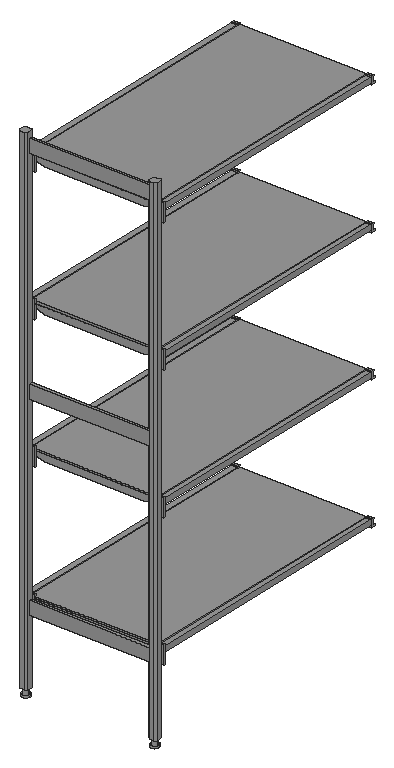
Revit family "QF_ELECTROLUXPROFESSIONAL_137072_CLS918", category Attrezzature speciali, Revit 2020
Family settings
  Quota connettore circolare = Usa diametro
  Tipo di parte = Normale
  Basato su piano di lavoro = No
  Sempre verticale = Sì
  Taglio con vuoti quando caricato = No
  Condiviso = No
  Punto di calcolo locali = No
Parameters (values of type "Standard")
  Weight = 17.00 kg
  Watts = 0 W
  Volts = 0 V
  URL Manufacturer = "https://www.electroluxprofessional.com/"
  URL = "https://www.electroluxprofessional.com/"
  Steam Supply Size = 0 mm
  Steam Supply Minimum Pressure = 0.0 Pa
  Steam Supply Maximum Pressure = 0.0 Pa
  Steam Consumption per Hour = 0
  Refrigeration Suction Line Size = 0.0 mm
  Refrigeration Liquid Line Size = 0.0 mm
  Refrigerant Compressor Remote = yes
  Prospetto di default = 0.0 mm
  Phase = 0
  Modello = "CLS918"
  Produttore = "Electrolux Professional"
  Length Actual = 922.0 mm  # constant formula
  Item Number = "137072"
  Hot Water Size = 0 mm
  Height Actual = 1700.0 mm  # constant formula
  HP = "0 HP"
  Gas Size = 0 mm
  Gas KW = 0
  Gas Input Pressure = 0 W
  Direct Waste Size = 0 mm
  Descrizione = "ALUM.CORNER SHELV.-POLY.TIERS-475X922MM"
  Depth Actual = 474.0 mm  # constant formula
  Cycle = 0 Hz
  Condensate Return Size = 0 mm
  Compressed Air Volume = 0.0 L/s
  Compressed Air Size = 0 mm
  Compressed Air Pressure = 0.0 Pa
  Cold Water Size = 0 mm
  Accessory = yes
Reference planes
  plane 1: z = 0
  plane 2 "Center (F/B)": y = -163.5
  plane 3 "Front": y = -549.5
  plane 4 "Left": x = -217.5
  plane 5 "Right": x = 256.5
  plane 6 "TOP": z = 1700
  plane 7: y = -517.5
  plane 8: y = 368.5
  plane 9 "Center (Left/Right)": x = 19.5
  plane 10: y = 363.5
  plane 11: x = -186
  plane 12: x = 225
  plane 13 "FEET": z = 25
  plane 14: z = 275
  plane 15: z = 725
  plane 16: z = 1175
  plane 17: z = 1625
  plane 18 "CXLeft": y = -535.5
  plane 19: x = -200
  plane 20 "CYBack": x = -200
  plane 21 "CYFront": x = 138
  plane 22 "Back": y = 372.5
  plane 23 "LEFT_ORIGIN": x = -252.5
  plane 24 "BACK_Origin": y = 846.5
Forms (mm)
  Extrusion 1, solid, material "QF_Aluminum"
    sketch origin (0, -549.5, 0) x (-1, 0, 0) y (0, 0, 1)
      loop
        line (198.5, 1650.994) -> (198.5, 1632.998) -> (217.5, 1632.998) -> (217.5, 1650.994) -> (198.5, 1650.994)
      loop
        line (-238.5, 1650.994) -> (-256.5, 1650.994) -> (-256.5, 1632.998) -> (-238.5, 1632.998) -> (-238.5, 1650.994)
      loop
        line (198.5, 1200.994) -> (198.5, 1182.998) -> (217.5, 1182.998) -> (217.5, 1200.994) -> (198.5, 1200.994)
      loop
        line (-238.522, 1200.994) -> (-256.5, 1200.994) -> (-256.5, 1182.998) -> (-238.522, 1182.998) -> (-238.522, 1200.994)
      loop
        line (198.5, 750.994) -> (198.5, 732.998) -> (217.5, 732.998) -> (217.5, 750.994) -> (198.5, 750.994)
      loop
        line (-238.522, 750.994) -> (-256.5, 750.994) -> (-256.5, 732.998) -> (-238.522, 732.998) -> (-238.522, 750.994)
      loop
        line (198.5, 300.994) -> (198.5, 282.998) -> (217.5, 282.998) -> (217.5, 300.994) -> (198.5, 300.994)
      loop
        line (-238.522, 300.994) -> (-256.5, 300.994) -> (-256.5, 282.998) -> (-238.522, 282.998) -> (-238.522, 300.994)
    from 32 to 918
  Extrusion 2, solid, material "QF_Polyethylene"
    sketch origin (0, -549.5, 0) x (-1, 0, 0) y (0, 0, 1)
      loop
        line (196.507, 1650.994) -> (-236.522, 1650.994) -> (-236.522, 1644.496) -> (196.507, 1644.496) -> (196.507, 1650.994)
      loop
        line (196.507, 1200.994) -> (-236.522, 1200.994) -> (-236.522, 1194.496) -> (196.507, 1194.496) -> (196.507, 1200.994)
      loop
        line (196.507, 750.994) -> (-236.522, 750.994) -> (-236.522, 744.496) -> (196.507, 744.496) -> (196.507, 750.994)
      loop
        line (196.507, 300.994) -> (-236.522, 300.994) -> (-236.522, 294.496) -> (196.507, 294.496) -> (196.507, 300.994)
    from 32 to 918
Lines and regions (mm)
  symbolic lines
    curve 1: line (-198.5, 368.5, 1700) -> (-198.5, -517.5, 1700)
    curve 2: line (-217.5, -521.5, 1700) -> (-217.5, 368.5, 1700)
    curve 3: line (256.5, -521.5, 1700) -> (256.5, 368.5, 1700)
    curve 4: line (-181.507, -517.5, 1700) -> (220.507, -517.5, 1700)
    curve 5: line (238.522, -517.5, 1700) -> (238.522, 368.5, 1700)
    curve 6: line (-198.5, 368.5, 1700) -> (238.522, 368.5, 1700)
Dimensions and locks
  plane 3 "Front" to plane 2 "Center (F/B)" = 386.0 mm
  locked: plane 6 "TOP" to level at 1700
  locked: plane 4 "Left" to plane 5 "Right" at 474
  locked: plane 7 to plane 8 at 886
  locked: plane 3 "Front" to plane 7 at 32
  plane 10 to plane 8 = 5.0 mm
  locked: plane 11 to plane 12 at 411
  equal spacing: plane 11, plane 9 "Center (Left/Right)", plane 12
  equal spacing: plane 4 "Left", plane 9 "Center (Left/Right)", plane 5 "Right"
  plane 13 "FEET" to level = 25.0 mm
  plane 6 "TOP" to plane 13 "FEET" = 1675.0 mm
  plane 14 to plane 13 "FEET" = 250.0 mm
  plane 15 to plane 14 = 450.0 mm
  plane 16 to plane 15 = 450.0 mm
  plane 17 to plane 16 = 450.0 mm
  locked: plane 3 "Front" to plane 18 "CXLeft" at 14
  locked: plane 3 "Front" to plane 22 "Back" at 922
  plane 23 "LEFT_ORIGIN" to plane 5 "Right" = 509.0 mm
  locked: plane 22 "Back" to plane 24 "BACK_Origin" at 474
  aligned and locked: level to plane 1
  aligned and locked: Extrusion 2 to plane 7
  aligned and locked: plane 8 to Extrusion 2
  aligned and locked: Extrusion 1 to plane 7
  aligned and locked: plane 8 to Extrusion 1
  aligned and locked: Extrusion 1 sketch curve to Extrusion 1 sketch curve  (x2)
  aligned and locked: plane 18 "CXLeft" to nested 1
  aligned and locked: nested 2 to plane 10
Automatic sketch dimensions
  curve 2 to plane 4 "Left" = 0.0 mm
  curve 3 to plane 5 "Right" = 0.0 mm
  plane 7 to curve 1 = 0.0 mm
  plane 7 to curve 4 = 0.0 mm
  plane 7 to curve 5 = 0.0 mm
  plane 8 to curve 2 = 0.0 mm
  plane 8 to curve 1 = 0.0 mm
  plane 8 to curve 3 = 0.0 mm
  curve 5 to plane 21 "CYFront" = 100.522 mm
  plane 19 to curve 6 = 1.5 mm
  plane 7 to curve 3 = 4.0 mm
  plane 7 to curve 2 = 4.0 mm
  plane 12 to curve 4 = 4.493 mm
  curve 4 to plane 11 = 4.493 mm
  plane 5 "Right" to Extrusion 1 sketch curve = 0.0 mm  (x4)
  plane 4 "Left" to Extrusion 1 sketch curve = 0.0 mm  (x4)
  Extrusion 1 sketch curve to plane 21 "CYFront" = 100.522 mm
  Extrusion 1 sketch curve to plane 21 "CYFront" = 100.5 mm
  plane 19 to Extrusion 1 sketch curve = 1.5 mm  (x4)
  plane 14 to Extrusion 1 sketch curve = 7.998 mm  (x2)
  Extrusion 1 sketch curve to Extrusion 1 sketch curve = 17.997 mm  (x8)
  plane 15 to Extrusion 1 sketch curve = 7.998 mm  (x2)
  plane 16 to Extrusion 1 sketch curve = 7.998 mm  (x2)
  plane 17 to Extrusion 1 sketch curve = 7.998 mm  (x2)
  Extrusion 2 sketch curve to plane 21 "CYFront" = 98.522 mm  (x4)
  plane 19 to Extrusion 2 sketch curve = 3.493 mm  (x4)
  plane 14 to Extrusion 2 sketch curve = 19.496 mm
  Extrusion 2 sketch curve to Extrusion 2 sketch curve = 6.499 mm  (x4)
  plane 15 to Extrusion 2 sketch curve = 19.496 mm
  plane 16 to Extrusion 2 sketch curve = 19.496 mm
  plane 17 to Extrusion 2 sketch curve = 19.496 mm
Nested families
  nested 1: "WT_Anta475" at (-194.5, -132.5, 0) x (0, 1, 0) z (0, 0, 1), type "WT_Anta475"
  nested 2: "WT_Aggancio475" at (-194.5, 780.5, 0) x (0, 1, 0) z (0, 0, 1), type "WT_Aggancio475"
Definition of nested family "WT_Anta475"
  Parameters
    WidthLeft = A + 64.0 mm  # 772.0 mm
    Width = 1606.0 mm
    Right = WidthLeft / 2  # 386.0 mm
    Default Elevation = 0.0 mm
    Left = -WidthLeft / 2  # -386.0 mm
    Height = 1725.0 mm
    FEET = 25.0 mm
    E = 0.0 mm
    Dint = Depth - 63.0 mm  # 412.0 mm
    Dext = Depth - 8.0 mm  # 467.0 mm
    Depth = 475.0 mm
    DX = (WidthLeft - A) / 2  # 32.0 mm
    B = 798.0 mm
    A = 708.0 mm
  Reference planes
    plane 1: z = 0
    plane 2 "LEFT": x = -417
    plane 3 "BACK": y = 23
    plane 4 "FRONT": y = -452
    plane 5 "TOP": z = 1725
    plane 6 "Center (Front/Back)": y = -214.5
    plane 7: y = -8.5
    plane 8: y = -420.5
    plane 9 "FEET": z = 25
    plane 10: z = 275
    plane 11: z = 725
    plane 12: z = 1175
    plane 13: z = 1625
    plane 14 "CXLeft": x = -403
    plane 15: y = 5.5
    plane 16 "CYBack": y = 5.5
    plane 17 "CYFront": y = -434.5
    plane 18: x = -385.031
    plane 19: x = -380.031
  Forms (mm)
    Extrusion 1, solid
      sketch origin (0, 0, 0) x (1, 0, 0) y (0, 1, 0)
        loop
          line (-417, 13.246) -> (-417, -2.246) -> (-410.746, -8.5) -> (-395.254, -8.5) -> (-389, -2.246) -> (-389, 13.246) -> (-395.254, 19.5) -> (-410.746, 19.5) -> (-417, 13.246)
      from 1725 to 25
    Extrusion 2, solid
      sketch origin (-417, 0, 0) x (0, 1, 0) y (0, 0, 1)
        loop
          line (23, 246.005) -> (23, 307.993) -> (-12.993, 307.993) -> (-12.993, 246.005) -> (23, 246.005)
        loop
          line (-452, 246.005) -> (-416.007, 246.005) -> (-416.007, 307.993) -> (-452, 307.993) -> (-452, 246.005)
        loop
          line (23, 696.005) -> (23, 757.993) -> (-12.993, 757.993) -> (-12.993, 696.005) -> (23, 696.005)
        loop
          line (-452, 696.005) -> (-416.007, 696.005) -> (-416.007, 757.993) -> (-452, 757.993) -> (-452, 696.005)
        loop
          line (23, 1146.005) -> (23, 1207.993) -> (-12.993, 1207.993) -> (-12.993, 1146.005) -> (23, 1146.005)
        loop
          line (-452, 1146.005) -> (-416.007, 1146.005) -> (-416.007, 1207.993) -> (-452, 1207.993) -> (-452, 1146.005)
        loop
          line (23, 1596.005) -> (23, 1657.993) -> (-12.993, 1657.993) -> (-12.993, 1596.005) -> (23, 1596.005)
        loop
          line (-452, 1596.005) -> (-416.007, 1596.005) -> (-416.007, 1657.993) -> (-452, 1657.993) -> (-452, 1596.005)
      from 28 to 32
    Revolve 3, solid
      sketch origin (-403, 0, 0) x (0, 1, 0) y (0, 0, 1)
        loop
          line (5.5, 25) -> (5.5, 0) -> (19, 0) -> (19, 5) -> (14, 5) -> (14, 25) -> (5.5, 25)
        axis (5.5, 25) -> (5.5, 0)
      angle from 0 to 360
    Extrusion 4, solid
      sketch origin (-403, 0, 0) x (0, 1, 0) y (0, 0, 1)
        loop
          line (-8.5, 912.382) -> (-8.5, 957.374) -> (-420.5, 957.374) -> (-420.5, 912.382) -> (-8.5, 912.382)
        loop
          line (-8.5, 1662.244) -> (-8.5, 1707.236) -> (-420.5, 1707.236) -> (-420.5, 1662.244) -> (-8.5, 1662.244)
      from -5 to 5
    Revolve 5, solid
      sketch origin (-403, -627, 0) x (0, -1, 0) y (0, 0, 1)
        loop
          line (-192.5, 25) -> (-192.5, 0) -> (-179, 0) -> (-179, 5) -> (-184, 5) -> (-184, 25) -> (-192.5, 25)
        axis (-192.5, 25) -> (-192.5, 0)
      angle from 0 to 360
    Extrusion 6, solid
      sketch origin (0, -627, 0) x (1, 0, 0) y (0, 1, 0)
        loop
          line (-417, 184.754) -> (-410.746, 178.5) -> (-395.254, 178.5) -> (-389, 184.754) -> (-389, 200.246) -> (-395.254, 206.5) -> (-410.746, 206.5) -> (-417, 200.246) -> (-417, 184.754)
      from 1725 to 25
    Extrusion 7, solid
      sketch origin (-417.031, -0.022, 0) x (0, 1, 0) y (0, 0, -1)
        loop
          line (-12, -1632.998) -> (-46, -1620.994) -> (-383, -1620.994) -> (-417, -1632.998) -> (-433, -1632.998) -> (-433, -1650.994) -> (-431, -1650.994) -> (-431, -1644.496) -> (2.007, -1644.496) -> (2.007, -1650.994) -> (4, -1650.994) -> (4, -1632.998) -> (-12, -1632.998)
        loop
          line (-12, -1182.998) -> (-46, -1170.994) -> (-383, -1170.994) -> (-417, -1182.998) -> (-433, -1182.998) -> (-433, -1200.994) -> (-431, -1200.994) -> (-431, -1194.496) -> (2.007, -1194.496) -> (2.007, -1200.994) -> (4, -1200.994) -> (4, -1182.998) -> (-12, -1182.998)
        loop
          line (-12, -732.998) -> (-46, -720.994) -> (-383, -720.994) -> (-417, -732.998) -> (-433, -732.998) -> (-433, -750.994) -> (-431, -750.994) -> (-431, -744.496) -> (2.007, -744.496) -> (2.007, -750.994) -> (4, -750.994) -> (4, -732.998) -> (-12, -732.998)
        loop
          line (-12, -282.998) -> (-46, -270.994) -> (-383, -270.994) -> (-417, -282.998) -> (-433, -282.998) -> (-433, -300.994) -> (-431, -300.994) -> (-431, -294.496) -> (2.007, -294.496) -> (2.007, -300.994) -> (4, -300.994) -> (4, -282.998) -> (-12, -282.998)
      from -32 to -37
    Extrusion 8, solid
      sketch origin (-403, 0, -659.878) x (0, 1, 0) y (0, 0, 1)
        loop
          line (-8.5, 912.382) -> (-8.5, 957.374) -> (-420.5, 957.374) -> (-420.5, 912.382) -> (-8.5, 912.382)
        loop
          line (-8.5, 1572.382) -> (-8.5, 1617.374) -> (-420.5, 1617.374) -> (-420.5, 1572.382) -> (-8.5, 1572.382)
        loop
          line (-8.5, 2322.382) -> (-8.5, 2367.374) -> (-420.5, 2367.374) -> (-420.5, 2322.382) -> (-8.5, 2322.382)
      from -5 to 5
  Lines and regions (mm)
    symbolic lines
      curve 1: line (-408, -8.5, 1725) -> (-408, -420.5, 1725)
      curve 2: line (-398, -420.5, 1725) -> (-398, -8.5, 1725)
      curve 3: line (-395.254, -8.5, 1725) -> (-410.746, -8.5, 1725)
      curve 4: line (-417, -2.246, 1725) -> (-410.746, -8.5, 1725)
      curve 5: line (-417, 13.246, 1725) -> (-417, -2.246, 1725)
      curve 6: line (-410.746, 19.5, 1725) -> (-417, 13.246, 1725)
      curve 7: line (-395.254, 19.5, 1725) -> (-410.746, 19.5, 1725)
      curve 8: line (-389, 13.246, 1725) -> (-395.254, 19.5, 1725)
      curve 9: line (-395.254, -8.5, 1725) -> (-389, -2.246, 1725)
      curve 10: line (-395.254, -420.5, 1725) -> (-410.746, -420.5, 1725)
      curve 11: line (-417, -426.754, 1725) -> (-410.746, -420.5, 1725)
      curve 12: line (-410.746, -448.5, 1725) -> (-417, -442.246, 1725)
      curve 13: line (-395.254, -448.5, 1725) -> (-410.746, -448.5, 1725)
      curve 14: line (-389, -442.246, 1725) -> (-395.254, -448.5, 1725)
      curve 15: line (-395.254, -420.5, 1725) -> (-389, -426.754, 1725)
      curve 16: line (-389, -452, 1725) -> (-389, -416.007, 1725)
      curve 17: line (-389, -416.007, 1725) -> (-385, -416.007, 1725)
      curve 18: line (-389, 23, 1725) -> (-389, -12.993, 1725)
      curve 19: line (-389, -12.993, 1725) -> (-385, -12.993, 1725)
      curve 20: line (-417, -426.754, 1725) -> (-417, -442.246, 1725)
      curve 21: line (-385, -452, 1725) -> (-385, -416.007, 1725)
      curve 22: line (-385, -452, 1725) -> (-389, -452, 1725)
      curve 23: line (-385, 23, 1725) -> (-389, 23, 1725)
      curve 24: line (-385, -12.993, 1725) -> (-385, 23, 1725)
      curve 25: line (-385.031, -13.016, 1725) -> (-385.031, -416.029, 1725)
  Dimensions and locks
    "Height": plane 5 "TOP" to level
    "Depth": plane 3 "BACK" to plane 4 "FRONT"
    "Dint": plane 7 to plane 8
    equal spacing: plane 7, plane 6 "Center (Front/Back)", plane 8
    equal spacing: plane 3 "BACK", plane 6 "Center (Front/Back)", plane 4 "FRONT"
    plane 9 "FEET" to level = 25.0 mm
    plane 5 "TOP" to plane 9 "FEET" = 1700.0 mm
    plane 10 to plane 9 "FEET" = 250.0 mm
    plane 11 to plane 10 = 450.0 mm
    plane 12 to plane 11 = 450.0 mm
    plane 13 to plane 12 = 450.0 mm
    locked: plane 2 "LEFT" to plane 14 "CXLeft" at 14
    locked: plane 3 "BACK" to plane 16 "CYBack" at 17.5
    locked: plane 17 "CYFront" to plane 4 "FRONT" at 17.5
    locked: Revolve 3 sketch curve to Revolve 3 sketch curve at 8.5
    locked: Revolve 3 sketch curve to plane 16 "CYBack" at 13.5
    locked: Revolve 5 sketch curve to Revolve 5 sketch curve at 8.5
    aligned and locked: level to plane 1
    aligned and locked: curve 20 to Extrusion 6
    aligned and locked: plane 5 "TOP" to Extrusion 1
    aligned and locked: plane 5 "TOP" to Extrusion 6
    aligned and locked: Extrusion 7 sketch curve to Extrusion 7 sketch curve  (x3)
  Automatic sketch dimensions
    curve 16 to plane 4 "FRONT" = 0.0 mm
    curve 11 to plane 8 = 0.0 mm
    curve 9 to plane 7 = 0.0 mm
    curve 5 to plane 2 "LEFT" = 0.0 mm
    curve 23 to plane 3 "BACK" = 0.0 mm
    plane 4 "FRONT" to curve 13 = 3.5 mm
    curve 20 to plane 17 "CYFront" = 7.746 mm
    curve 20 to plane 8 = 6.254 mm
    plane 8 to curve 16 = 4.493 mm
    curve 24 to plane 18 = 0.031 mm
    curve 24 to plane 7 = 4.493 mm
    plane 7 to curve 5 = 6.254 mm
    curve 5 to plane 15 = 7.746 mm
    curve 6 to plane 3 "BACK" = 3.5 mm
    curve 21 to plane 18 = 0.031 mm
    plane 18 to curve 23 = 3.969 mm
    plane 18 to curve 16 = 3.969 mm
    curve 18 to curve 8 = 6.254 mm
    curve 18 to curve 3 = 6.254 mm
    curve 16 to curve 13 = 6.254 mm
    curve 16 to curve 15 = 6.254 mm
    plane 2 "LEFT" to curve 10 = 6.254 mm
    plane 2 "LEFT" to curve 7 = 6.254 mm
    plane 2 "LEFT" to curve 12 = 6.254 mm
    plane 2 "LEFT" to curve 3 = 6.254 mm
    curve 14 to plane 17 "CYFront" = 7.746 mm
    curve 15 to plane 8 = 6.254 mm
    plane 7 to curve 9 = 6.254 mm
    curve 8 to plane 15 = 7.746 mm
    curve 3 to curve 2 = 2.746 mm
    curve 1 to curve 10 = 2.746 mm
    Extrusion 1 sketch curve to plane 2 "LEFT" = 0.0 mm
    Extrusion 1 sketch curve to plane 7 = 0.0 mm
    plane 2 "LEFT" to Extrusion 1 sketch curve = 6.254 mm  (x2)
    plane 14 "CXLeft" to Extrusion 1 sketch curve = 7.746 mm  (x2)
    Extrusion 1 sketch curve to plane 3 "BACK" = 3.5 mm
    plane 18 to Extrusion 1 sketch curve = 3.969 mm
    plane 7 to Extrusion 1 sketch curve = 6.254 mm  (x2)
    Extrusion 1 sketch curve to plane 15 = 7.746 mm  (x2)
    Extrusion 2 sketch curve to plane 4 "FRONT" = 0.0 mm  (x4)
    Extrusion 2 sketch curve to plane 3 "BACK" = 0.0 mm  (x4)
    plane 8 to Extrusion 2 sketch curve = 4.493 mm  (x4)
    Extrusion 2 sketch curve to plane 7 = 4.493 mm  (x4)
    Extrusion 2 sketch curve to plane 10 = 28.995 mm  (x2)
    plane 10 to Extrusion 2 sketch curve = 32.993 mm  (x2)
    Extrusion 2 sketch curve to plane 11 = 28.995 mm  (x2)
    plane 11 to Extrusion 2 sketch curve = 32.993 mm  (x2)
    Extrusion 2 sketch curve to plane 12 = 28.995 mm  (x2)
    plane 12 to Extrusion 2 sketch curve = 32.993 mm  (x2)
    Extrusion 2 sketch curve to plane 13 = 28.995 mm  (x2)
    plane 13 to Extrusion 2 sketch curve = 32.993 mm  (x2)
    Revolve 3 sketch curve to plane 9 "FEET" = 0.0 mm  (x2)
    Revolve 3 sketch curve to plane 15 = 0.0 mm  (x2)
    Revolve 3 sketch curve to level = 0.0 mm
    level to Revolve 3 sketch curve = 5.0 mm
    Revolve 3 sketch curve to Revolve 3 sketch curve = 11.655 mm
    Extrusion 4 sketch curve to plane 8 = 0.0 mm  (x2)
    Extrusion 4 sketch curve to plane 7 = 0.0 mm  (x2)
    plane 11 to Extrusion 4 sketch curve = 187.382 mm
    Extrusion 4 sketch curve to Extrusion 4 sketch curve = 44.992 mm
    plane 13 to Extrusion 4 sketch curve = 37.244 mm
    Extrusion 4 sketch curve to plane 5 "TOP" = 17.764 mm
    Revolve 5 sketch curve to plane 9 "FEET" = 0.0 mm  (x2)
    Revolve 5 sketch curve to plane 17 "CYFront" = 0.0 mm  (x2)
    Revolve 5 sketch curve to level = 0.0 mm
    Revolve 5 sketch curve to plane 4 "FRONT" = 4.0 mm
    Revolve 5 sketch curve to Revolve 5 sketch curve = 5.0 mm
    level to Revolve 5 sketch curve = 11.655 mm
    Extrusion 6 sketch curve to plane 2 "LEFT" = 0.0 mm
    Extrusion 6 sketch curve to plane 8 = 0.0 mm
    Extrusion 6 sketch curve to plane 2 "LEFT" = 6.254 mm  (x2)
    Extrusion 6 sketch curve to plane 14 "CXLeft" = 7.746 mm  (x2)
    Extrusion 6 sketch curve to plane 4 "FRONT" = 3.5 mm
    Extrusion 6 sketch curve to plane 18 = 3.969 mm
    plane 8 to Extrusion 6 sketch curve = 6.254 mm  (x2)
    plane 17 "CYFront" to Extrusion 6 sketch curve = 7.746 mm  (x2)
    plane 17 "CYFront" to Extrusion 7 sketch curve = 1.478 mm  (x4)
    Extrusion 7 sketch curve to Extrusion 7 sketch curve = 2.0 mm
    plane 8 to Extrusion 7 sketch curve = 3.478 mm  (x4)
    Extrusion 7 sketch curve to plane 10 = 4.006 mm
    Extrusion 7 sketch curve to Extrusion 7 sketch curve = 34.0 mm  (x4)
    Extrusion 7 sketch curve to plane 11 = 4.006 mm
    Extrusion 7 sketch curve to plane 12 = 4.006 mm
    Extrusion 7 sketch curve to plane 13 = 4.006 mm
    Extrusion 7 sketch curve to plane 7 = 37.522 mm  (x4)
    Extrusion 7 sketch curve to plane 7 = 3.522 mm  (x4)
    plane 15 to Extrusion 7 sketch curve = 3.516 mm  (x4)
    plane 15 to Extrusion 7 sketch curve = 1.522 mm  (x4)
    plane 13 to Extrusion 7 sketch curve = 7.998 mm  (x2)
    Extrusion 7 sketch curve to Extrusion 7 sketch curve = 11.498 mm
    Extrusion 7 sketch curve to Extrusion 7 sketch curve = 6.499 mm  (x5)
    plane 12 to Extrusion 7 sketch curve = 25.994 mm  (x2)
    plane 12 to Extrusion 7 sketch curve = 7.998 mm  (x2)
    plane 11 to Extrusion 7 sketch curve = 25.994 mm  (x2)
    plane 11 to Extrusion 7 sketch curve = 7.998 mm  (x2)
    plane 10 to Extrusion 7 sketch curve = 25.994 mm  (x2)
    plane 10 to Extrusion 7 sketch curve = 7.998 mm  (x2)
    curve 25 to plane 18 = 0.0 mm
    plane 8 to curve 25 = 4.471 mm
    curve 25 to plane 7 = 4.516 mm
    Extrusion 8 sketch curve to plane 8 = 0.0 mm  (x3)
    Extrusion 8 sketch curve to plane 7 = 0.0 mm  (x3)
    Extrusion 8 sketch curve to plane 10 = 22.496 mm
    plane 10 to Extrusion 8 sketch curve = 22.496 mm
    plane 11 to Extrusion 8 sketch curve = 187.504 mm
    Extrusion 8 sketch curve to Extrusion 8 sketch curve = 44.992 mm
    plane 13 to Extrusion 8 sketch curve = 37.504 mm
    Extrusion 8 sketch curve to plane 5 "TOP" = 17.504 mm
Definition of nested family "WT_Aggancio475"
  Parameters
    WidthLeft = A + 64.0 mm  # 772.0 mm
    Width = 1606.0 mm
    Right = WidthLeft / 2  # 386.0 mm
    Default Elevation = 0.0 mm
    Left = -WidthLeft / 2  # -386.0 mm
    Height = 1725.0 mm
    FEET = 25.0 mm
    E = 0.0 mm
    Dint = Depth - 63.0 mm  # 412.0 mm
    Dext = Depth - 8.0 mm  # 467.0 mm
    Depth = 475.0 mm
    DX = (WidthLeft - A) / 2  # 32.0 mm
    B = 798.0 mm
    A = 708.0 mm
  Reference planes
    plane 1: z = 0
    plane 2 "LEFT": x = -417
    plane 3 "BACK": y = 23
    plane 4 "FRONT": y = -452
    plane 5 "TOP": z = 1725
    plane 6 "Center (Front/Back)": y = -214.5
    plane 7: y = -8.5
    plane 8: y = -420.5
    plane 9 "FEET": z = 25
    plane 10: z = 275
    plane 11: z = 725
    plane 12: z = 1175
    plane 13: z = 1625
    plane 14: y = 5.5
    plane 15 "CYBack": y = 5.5
    plane 16 "CYFront": y = -434.5
  Forms (mm)
    Extrusion 1, solid
      sketch origin (-380, -0.022, 0) x (0, 1, 0) y (0, 0, 1)
        loop
          line (-12, 1632.998) -> (4, 1632.998) -> (4, 1650.994) -> (2.007, 1650.994) -> (2.007, 1644.496) -> (-431, 1644.496) -> (-431, 1650.994) -> (-433, 1650.994) -> (-433, 1632.998) -> (-417, 1632.998) -> (-383, 1620.994) -> (-46, 1620.994) -> (-12, 1632.998)
        loop
          line (-12, 1182.998) -> (4, 1182.998) -> (4, 1200.994) -> (2.007, 1200.994) -> (2.007, 1194.496) -> (-431, 1194.496) -> (-431, 1200.994) -> (-433, 1200.994) -> (-433, 1182.998) -> (-417, 1182.998) -> (-383, 1170.994) -> (-46, 1170.994) -> (-12, 1182.998)
        loop
          line (-12, 732.998) -> (4, 732.998) -> (4, 750.994) -> (2.007, 750.994) -> (2.007, 744.496) -> (-431, 744.496) -> (-431, 750.994) -> (-433, 750.994) -> (-433, 732.998) -> (-417, 732.998) -> (-383, 720.994) -> (-46, 720.994) -> (-12, 732.998)
        loop
          line (-12, 282.998) -> (4, 282.998) -> (4, 300.994) -> (2.007, 300.994) -> (2.007, 294.496) -> (-431, 294.496) -> (-431, 300.994) -> (-433, 300.994) -> (-433, 282.998) -> (-417, 282.998) -> (-383, 270.994) -> (-46, 270.994) -> (-12, 282.998)
      from -32 to -37
    Extrusion 2, solid
      sketch origin (-793.062, -324.754, 6.5) x (1, 0, 0) y (0, 0, 1)
        loop
          line (385.062, 1644.496) -> (385.062, 1647.496) -> (376.062, 1647.496) -> (376.062, 1620.994) -> (390.031, 1620.994) -> (390.031, 1626.496) -> (381.062, 1626.496) -> (381.062, 1644.496) -> (385.062, 1644.496)
        loop
          line (385.062, 1194.496) -> (385.062, 1197.496) -> (376.062, 1197.496) -> (376.062, 1170.994) -> (390.031, 1170.994) -> (390.031, 1176.496) -> (381.062, 1176.496) -> (381.062, 1194.496) -> (385.062, 1194.496)
        loop
          line (385.062, 744.496) -> (385.062, 747.496) -> (376.062, 747.496) -> (376.062, 720.994) -> (390.031, 720.994) -> (390.031, 726.496) -> (381.062, 726.496) -> (381.062, 744.496) -> (385.062, 744.496)
        loop
          line (385.062, 294.496) -> (385.062, 297.496) -> (376.062, 297.496) -> (376.062, 270.994) -> (390.031, 270.994) -> (390.031, 276.496) -> (381.062, 276.496) -> (381.062, 294.496) -> (385.062, 294.496)
      from 108.268 to 127.246
    Extrusion 3, solid
      sketch origin (-793.062, 32.754, 6.5) x (1, 0, 0) y (0, 0, 1)
        loop
          line (385.062, 1644.496) -> (385.062, 1647.496) -> (376.062, 1647.496) -> (376.062, 1620.994) -> (390.031, 1620.994) -> (390.031, 1626.496) -> (381.062, 1626.496) -> (381.062, 1644.496) -> (385.062, 1644.496)
        loop
          line (385.062, 1194.496) -> (385.062, 1197.496) -> (376.062, 1197.496) -> (376.062, 1170.994) -> (390.031, 1170.994) -> (390.031, 1176.496) -> (381.062, 1176.496) -> (381.062, 1194.496) -> (385.062, 1194.496)
        loop
          line (385.062, 744.496) -> (385.062, 747.496) -> (376.062, 747.496) -> (376.062, 720.994) -> (390.031, 720.994) -> (390.031, 726.496) -> (381.062, 726.496) -> (381.062, 744.496) -> (385.062, 744.496)
        loop
          line (385.062, 294.496) -> (385.062, 297.496) -> (376.062, 297.496) -> (376.062, 270.994) -> (390.031, 270.994) -> (390.031, 276.496) -> (381.062, 276.496) -> (381.062, 294.496) -> (385.062, 294.496)
      from 9.754 to 28.776
  Lines and regions (mm)
    symbolic lines
      curve 1: line (-412, -452, 0) -> (-408, -452, 0)
      curve 2: line (-412, -433.022, 0) -> (-412, -452, 0)
      curve 3: line (-408, -433.022, 0) -> (-412, -433.022, 0)
      curve 4: line (-408, -452, 0) -> (-408, -433.022, 0)
      curve 5: line (-412, 3.978, 0) -> (-408, 3.978, 0)
      curve 6: line (-412, 23, 0) -> (-412, 3.978, 0)
      curve 7: line (-408, 23, 0) -> (-412, 23, 0)
      curve 8: line (-408, 3.978, 0) -> (-408, 23, 0)
  Dimensions and locks
    "Height": plane 5 "TOP" to level
    "Depth": plane 3 "BACK" to plane 4 "FRONT"
    "Dint": plane 7 to plane 8
    equal spacing: plane 7, plane 6 "Center (Front/Back)", plane 8
    equal spacing: plane 3 "BACK", plane 6 "Center (Front/Back)", plane 4 "FRONT"
    plane 9 "FEET" to level = 25.0 mm
    plane 5 "TOP" to plane 9 "FEET" = 1700.0 mm
    plane 10 to plane 9 "FEET" = 250.0 mm
    plane 11 to plane 10 = 450.0 mm
    plane 12 to plane 11 = 450.0 mm
    plane 13 to plane 12 = 450.0 mm
    locked: plane 3 "BACK" to plane 15 "CYBack" at 17.5
    locked: plane 16 "CYFront" to plane 4 "FRONT" at 17.5
    aligned and locked: level to plane 1
    aligned and locked: Extrusion 1 sketch curve to Extrusion 1 sketch curve  (x3)
  Automatic sketch dimensions
    plane 16 "CYFront" to Extrusion 1 sketch curve = 1.478 mm  (x4)
    Extrusion 1 sketch curve to Extrusion 1 sketch curve = 2.0 mm
    plane 8 to Extrusion 1 sketch curve = 3.478 mm  (x4)
    Extrusion 1 sketch curve to plane 10 = 4.006 mm
    Extrusion 1 sketch curve to Extrusion 1 sketch curve = 34.0 mm  (x4)
    Extrusion 1 sketch curve to plane 11 = 4.006 mm
    Extrusion 1 sketch curve to plane 12 = 4.006 mm
    Extrusion 1 sketch curve to plane 13 = 4.006 mm
    Extrusion 1 sketch curve to plane 7 = 37.522 mm  (x4)
    Extrusion 1 sketch curve to plane 7 = 3.522 mm  (x4)
    plane 14 to Extrusion 1 sketch curve = 3.516 mm  (x4)
    plane 14 to Extrusion 1 sketch curve = 1.522 mm  (x4)
    plane 10 to Extrusion 1 sketch curve = 7.998 mm  (x2)
    Extrusion 1 sketch curve to Extrusion 1 sketch curve = 11.498 mm  (x4)
    Extrusion 1 sketch curve to Extrusion 1 sketch curve = 6.499 mm  (x8)
    plane 11 to Extrusion 1 sketch curve = 7.998 mm  (x2)
    plane 12 to Extrusion 1 sketch curve = 7.998 mm  (x2)
    plane 13 to Extrusion 1 sketch curve = 7.998 mm  (x2)
    plane 2 "LEFT" to Extrusion 2 sketch curve = 0.0 mm  (x4)
    plane 13 to Extrusion 2 sketch curve = 7.996 mm
    plane 11 to Extrusion 2 sketch curve = 7.996 mm
    Extrusion 2 sketch curve to Extrusion 2 sketch curve = 5.0 mm  (x4)
    plane 11 to Extrusion 2 sketch curve = 2.494 mm
    plane 10 to Extrusion 2 sketch curve = 28.996 mm
    Extrusion 2 sketch curve to Extrusion 2 sketch curve = 3.0 mm  (x4)
    plane 10 to Extrusion 2 sketch curve = 7.996 mm
    plane 10 to Extrusion 2 sketch curve = 2.494 mm
    Extrusion 2 sketch curve to Extrusion 2 sketch curve = 18.0 mm  (x3)
    plane 12 to Extrusion 2 sketch curve = 2.494 mm
    plane 12 to Extrusion 2 sketch curve = 7.996 mm
    plane 13 to Extrusion 2 sketch curve = 2.494 mm
    plane 2 "LEFT" to Extrusion 3 sketch curve = 0.0 mm  (x4)
    plane 13 to Extrusion 3 sketch curve = 7.996 mm
    plane 11 to Extrusion 3 sketch curve = 7.996 mm
    Extrusion 3 sketch curve to Extrusion 3 sketch curve = 5.0 mm  (x4)
    plane 11 to Extrusion 3 sketch curve = 2.494 mm
    plane 10 to Extrusion 3 sketch curve = 28.996 mm
    Extrusion 3 sketch curve to Extrusion 3 sketch curve = 3.0 mm  (x4)
    plane 10 to Extrusion 3 sketch curve = 7.996 mm
    plane 10 to Extrusion 3 sketch curve = 2.494 mm
    Extrusion 3 sketch curve to Extrusion 3 sketch curve = 18.0 mm  (x3)
    plane 12 to Extrusion 3 sketch curve = 2.494 mm
    plane 12 to Extrusion 3 sketch curve = 7.996 mm
    plane 13 to Extrusion 3 sketch curve = 2.494 mm
    plane 2 "LEFT" to curve 1 = 5.0 mm
    plane 2 "LEFT" to curve 7 = 5.0 mm
    curve 1 to plane 16 "CYFront" = 17.5 mm
    curve 3 to plane 8 = 12.522 mm
    plane 7 to curve 5 = 12.478 mm
    curve 7 to plane 14 = 17.5 mm
    curve 5 to curve 5 = 4.0 mm
    curve 1 to curve 4 = 4.0 mm
    Extrusion 2 sketch curve to Extrusion 2 sketch curve = 4.0 mm  (x4)
    Extrusion 2 sketch curve to Extrusion 2 sketch curve = 8.969 mm  (x4)
    Extrusion 3 sketch curve to Extrusion 3 sketch curve = 4.0 mm  (x4)
    Extrusion 3 sketch curve to Extrusion 3 sketch curve = 8.969 mm  (x4)
